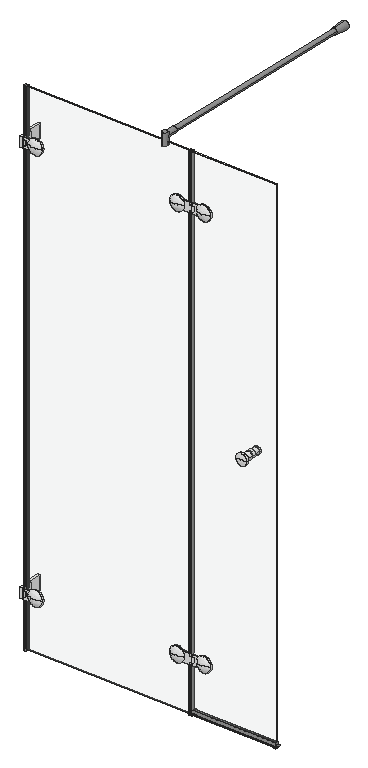
Revit family "Sanitary_Shower-screens_Duscholux_Pure-Style_Centaurus_Separator-Fixed-Segnment+Pivot-door-180°-shower", category Plumbing Fixtures, Revit 2016
Family settings
  Part Type = Normal
  Round Connector Dimension = Use Diameter
  OmniClass Number = 23.45.00.00
  OmniClass Title = Sanitary, Laundry, and Cleaning Equipment
  Work Plane-Based = No
  Always vertical = Yes
  Cut with Voids When Loaded = No
  Shared = No
  Room Calculation Point = No
Parameters (values of type "Silver Matt Aluminium Finish")
  Width fixed segment = Width - 300 mm  # 600 mm
  Width = 900 mm
  Uniclass 2015 Description = "Shower Enclosures"
  Uniclass 2015 Code = "PR-40-20-06-79"
  URL = "http://www.duscholux.es/"
  UNSPSC Code = "30181507"
  Thickness Glass = 6 mm  # constant formula
  Technical Inspection Certificate (Applus) = "http://www.duscholux.es/resources/custom/var/APPLUS_en.pdf"
  Series = "Pure Style"
  Region South America = "Consult"
  Region Oceania = "Consult"
  Region North America = "Consult"
  Region Middle East = "Consult"
  Region Europe = "AD, ES, FR, PT"
  Region Asia = "Consult"
  Region Antartica = "Consult"
  Region Africa = "Consult"
  Ref. = "41I / 41D"
  Products = "http://www.duscholux.es/mamparas_filtro.aspx?es"
  Product group = "Fixed panel"
  Product family = "Pure Style"
  Openning angle = 0.00°
  Opening System Image = "http://blob.duscholux.es/pluma512/FDIzq1f1pabatible180.gif"
  Opening System = "Pivot Door"
  Offset Support = 100 mm
  Net Weight (Kg) = 52
  NBS Reference Description = "Shower Enclosures"
  NBS Reference Code = "45-35-70"
  Model = "Centaurus"
  Min Max Width = if(Width < 700 mm, 700 mm, if(Width > 1600 mm, 1600 mm, Width))  # 900 mm
  Min Max Openning angle = if(Openning angle < -90.00°, -90.00°, if(Openning angle > 90.00°, 90.00°, Openning angle))  # 0.00°
  Max Height = if(Height < 1400 mm, 1400 mm, if(Height > 2100 mm, 2100 mm, Height))  # 1800 mm
  Manufacturer name = "Duscholux Ibérica, S.A."
  Manufacturer country = "Spain"
  Maintenance and Cleaning = "http://www.duscholux.es/mamparas_limpieza.aspx?en"
  Lenght Support = 800 mm
  Image = "http://www.duscholux.es/resources/custom/img/mamparas/PURE%20STYLE/modelos/1F1PSDA/mampara_h.jpg"
  IFC Classification = "Furnishing Element"
  Height = 1800 mm
  Handle Material = Chrome_Finish
  Handle Height = Max Height / 2  # 900 mm
  Glass in Building UNE EN 12150 = "CE Conformity marking"
  Glass Material = Glass_Material-Duscholux
  Frame Material = Silver Matt Aluminium Finish
  Fact Sheet = "http://blob.duscholux.es/enpdf2018/CentaurusSDB.pdf"
  Manufacturer = "Duscholux Ibérica, S.A."
  Environmental Management ISO 14001 = "ECOEMBES Certificate"
  Edition number = "1"
  Door aperture = Min Max Width - Width fixed segment  # 300 mm
  Design country = "Spain / Germany"
  Description = "1 fixed segment + 1 pivot door at 180º for bath"
  Date of publishing = ""
  Assembly Code = "C1030200"
  Configuration enclosure = "http://configuratumampara.duscholux.es/eCatalogo.aspx"
  Components = "Eropean components"
  Type Comments = ""
  Combinations = "Hinge and handle to choice (Round, square or triangular)"
  Certified Quality UNE EN 14428 = "http://www.duscholux.es/duscholux_downloads.aspx?es"
  COBIe Type Category = ""
  Brand = "Duscholux"
  Accesories Material = Chrome_Finish
Types (3, lengths in mm): name | Width fixed segment | Width | Min Max Width | Max Height | Height | Handle Height | Frame Material | Description
  (no name) | 600 | 900 | 900 | 1800 | 1800 | 900 | Silver Matt Aluminium Finish | "1 fixed segment + 1 pivot door at 180º for bath"
  Silver Matt Aluminium Finish | 600 | 900 | 900 | 1800 | 1800 | 900 | Silver Matt Aluminium Finish | "1 fixed segment + 1 pivot door at 180º for bath"
  Platinum Aluminium Finish | 700 | 1000 | 1000 | 1900 | 1900 | 950 | Platinum Aluminium Finish | "1 fixed segment + 1 pivot door at 180º for shower"
Reference planes
  plane 1 "Centro (Frontal/Posterior)": y = 0
  plane 2: z = 0
  plane 3 "Centro (Izquierda/Derecha)": x = 0
  plane 4: z = 1800
  plane 5: z = 900
  plane 6: z = 400
  plane 7: x = 4
  plane 8: y = 0
  plane 9: y = 6
  plane 10: x = 900
  plane 11: z = 580
  plane 12: z = 1620
  plane 13: y = 8
  plane 14: x = 600
  plane 15: z = 8
  plane 16: z = 180
  plane 17: y = 4
  plane 18: x = 500
Forms (mm)
  Extrusion 1, solid, material "Glass_Material-Duscholux" <- "Glass Material"
    sketch origin (0, 0, 0) x (1, 0, 0) y (0, 1, 0)
      loop
        line (6, 8) -> (6, 0) -> (594, 0) -> (594, 8) -> (6, 8)
    from 0 to 1800
  Extrusion 2, solid, material "Glass_Material-Duscholux" <- "Glass Material"
    sketch origin (600, 0, 0) x (1, 0, 0) y (0, 1, 0)
      loop
        line (0, 6) -> (0, 0) -> (300, 0) -> (300, 6) -> (0, 6)
    from 8 to 1800
  Extrusion 3, solid, material "Plástico, transparente"
    sketch origin (-322.583, -171.096, 0) x (1, 0, 0) y (0, 1, 0)
      loop
        line (916.583, 179.096) -> (916.583, 171.096) -> (911.583, 171.096) -> (911.583, 170.096) -> (916.583, 170.096) -> (921.183, 170.096)
        arc (921.183, 170.096) -> (922.583, 175.096) -> (921.183, 180.096) r 9.629
        line (921.183, 180.096) -> (916.583, 180.096) -> (911.583, 180.096) -> (911.583, 179.096) -> (916.583, 179.096)
      loop
        line (917.583, 170.596) -> (920.927, 170.596)
        arc (920.927, 170.596) -> (922.083, 175.096) -> (920.927, 179.596) r 9.338
        line (920.927, 179.596) -> (917.583, 179.596) -> (917.583, 170.596)
    from 1637.5 to 1800
  Extrusion 4, solid, material "Plástico, transparente"
    sketch origin (-322.583, -171.096, 0) x (1, 0, 0) y (0, 1, 0)
      loop
        line (916.583, 179.096) -> (916.583, 171.096) -> (911.583, 171.096) -> (911.583, 170.096) -> (916.583, 170.096) -> (921.183, 170.096)
        arc (921.183, 170.096) -> (922.583, 175.096) -> (921.183, 180.096) r 9.629
        line (921.183, 180.096) -> (916.583, 180.096) -> (911.583, 180.096) -> (911.583, 179.096) -> (916.583, 179.096)
      loop
        line (917.583, 170.596) -> (920.927, 170.596)
        arc (920.927, 170.596) -> (922.083, 175.096) -> (920.927, 179.596) r 9.338
        line (920.927, 179.596) -> (917.583, 179.596) -> (917.583, 170.596)
    from 197.5 to 1602.5
  Extrusion 5, solid, material "Plástico, transparente"
    sketch origin (-322.583, -171.096, 0) x (1, 0, 0) y (0, 1, 0)
      loop
        line (916.583, 179.096) -> (916.583, 171.096) -> (911.583, 171.096) -> (911.583, 170.096) -> (916.583, 170.096) -> (921.183, 170.096)
        arc (921.183, 170.096) -> (922.583, 175.096) -> (921.183, 180.096) r 9.629
        line (921.183, 180.096) -> (916.583, 180.096) -> (911.583, 180.096) -> (911.583, 179.096) -> (916.583, 179.096)
      loop
        line (917.583, 170.596) -> (920.927, 170.596)
        arc (920.927, 170.596) -> (922.083, 175.096) -> (920.927, 179.596) r 9.338
        line (920.927, 179.596) -> (917.583, 179.596) -> (917.583, 170.596)
    from 0 to 162.5
  Extrusion 6, solid, material "Plástico, transparente"
    sketch origin (542.583, -171.096, 0) x (-1, 0, 0) y (0, -1, 0)
      loop
        line (536.583, -179.096) -> (531.583, -179.096) -> (531.583, -180.096) -> (536.583, -180.096) -> (541.183, -180.096)
        arc (541.183, -180.096) -> (542.583, -175.096) -> (541.183, -170.096) r 9.629
        line (541.183, -170.096) -> (536.583, -170.096) -> (531.583, -170.096) -> (531.583, -171.096) -> (536.583, -171.096) -> (536.583, -179.096)
      loop
        line (537.583, -170.596) -> (537.583, -179.596) -> (540.927, -179.596)
        arc (540.927, -179.596) -> (542.083, -175.096) -> (540.927, -170.596) r 9.338
        line (540.927, -170.596) -> (537.583, -170.596)
    from 1637.5 to 1800
  Extrusion 7, solid, material "Plástico, transparente"
    sketch origin (542.583, -171.096, 0) x (-1, 0, 0) y (0, -1, 0)
      loop
        line (536.583, -179.096) -> (531.583, -179.096) -> (531.583, -180.096) -> (536.583, -180.096) -> (541.183, -180.096)
        arc (541.183, -180.096) -> (542.583, -175.096) -> (541.183, -170.096) r 9.629
        line (541.183, -170.096) -> (536.583, -170.096) -> (531.583, -170.096) -> (531.583, -171.096) -> (536.583, -171.096) -> (536.583, -179.096)
      loop
        line (537.583, -170.596) -> (537.583, -179.596) -> (540.927, -179.596)
        arc (540.927, -179.596) -> (542.083, -175.096) -> (540.927, -170.596) r 9.338
        line (540.927, -170.596) -> (537.583, -170.596)
    from 197.5 to 1602.5
  Extrusion 8, solid, material "Plástico, transparente"
    sketch origin (542.583, -171.096, 0) x (-1, 0, 0) y (0, -1, 0)
      loop
        line (536.583, -179.096) -> (531.583, -179.096) -> (531.583, -180.096) -> (536.583, -180.096) -> (541.183, -180.096)
        arc (541.183, -180.096) -> (542.583, -175.096) -> (541.183, -170.096) r 9.629
        line (541.183, -170.096) -> (536.583, -170.096) -> (531.583, -170.096) -> (531.583, -171.096) -> (536.583, -171.096) -> (536.583, -179.096)
      loop
        line (537.583, -170.596) -> (537.583, -179.596) -> (540.927, -179.596)
        arc (540.927, -179.596) -> (542.083, -175.096) -> (540.927, -170.596) r 9.338
        line (540.927, -170.596) -> (537.583, -170.596)
    from 0 to 162.5
Lines and regions (mm)
  reference lines
    curve 1: line (600, 0, 0) -> (900, 0, 0)
  symbolic lines
    curve 2: line (600, 300, 0) -> (600, 0, 0)
    curve 3: line (600, -300, 0) -> (600, 0, 0)
    curve 4: arc (600, -300, 0) -> (900, 0, 0) -> (600, 300, 0) r 300
Dimensions and locks
  locked: plane 3 "Centro (Izquierda/Derecha)" to plane 7 at 4
  "Handle Height": plane 5 to level
  "Min Max Width": plane 3 "Centro (Izquierda/Derecha)" to plane 10
  locked: nested 5 to Extrusion 4 at 17.5
  locked: Extrusion 3 to plane 12 at 17.5
  "Width fixed segment": plane 3 "Centro (Izquierda/Derecha)" to plane 14
  locked: nested 5 to plane 14 at 6
  locked: plane 14 to nested 5 at 6
  "Door aperture": curve 1 to curve 1
  "Thickness Glass": Extrusion 2 to Extrusion 2
  locked: plane 15 to level at 8
  locked: plane 16 to level at 180
  plane 3 "Centro (Izquierda/Derecha)" to Extrusion 8 = 6 mm
  "Max Height": plane 4 to level
  locked: plane 4 to plane 12 at 180
  locked: nested 11 to plane 12 at 17.5
  "Door aperture": curve 2 to curve 2
  "Door aperture": curve 3 to curve 3
  "Offset Support": plane 18 to plane 14
  "Lenght Support": nested 12 to nested 12
  "Min Max Openning angle": angle curve 1 to plane 8
  aligned and locked: level to plane 2
  aligned and locked: plane 12 to nested 2
  aligned and locked: plane 4 to Extrusion 1
  aligned and locked: plane 14 to curve 1
  aligned and locked: plane 8 to curve 1
  aligned and locked: plane 4 to Extrusion 2
  aligned and locked: nested 5 to plane 12
  aligned and locked: Extrusion 3 to Extrusion 1
  aligned and locked: nested 7 to nested 6
  aligned and locked: plane 5 to nested 6
  aligned and locked: plane 5 to nested 7
  aligned and locked: nested 5 to nested 3
  aligned and locked: Extrusion 4 to Extrusion 7
  aligned and locked: Extrusion 1 to Extrusion 6
  aligned and locked: Extrusion 6 to Extrusion 3
  aligned and locked: Extrusion 2 to nested 8
  aligned and locked: nested 8 to Extrusion 2
  aligned and locked: nested 4 to Extrusion 2
  aligned and locked: nested 10 to plane 12
  aligned and locked: nested 10 to Extrusion 2
  aligned and locked: Extrusion 2 to plane 15
  aligned and locked: plane 16 to nested 1
  aligned and locked: Extrusion 5 to level
  aligned and locked: nested 1 to Extrusion 4
  aligned and locked: Extrusion 7 to nested 9
  aligned and locked: Extrusion 8 to level
  aligned and locked: Extrusion 8 to nested 9
  aligned and locked: plane 7 to nested 9
  aligned and locked: plane 4 to nested 12
  aligned and locked: plane 18 to nested 12
Automatic sketch dimensions
  plane 1 "Centro (Frontal/Posterior)" to Extrusion 1 sketch curve = 0 mm
  Extrusion 1 sketch curve to plane 13 = 0 mm
  plane 7 to Extrusion 1 sketch curve = 2 mm
  Extrusion 1 sketch curve to plane 14 = 6 mm
  Extrusion 3 sketch curve to plane 13 = 0 mm
  plane 1 "Centro (Frontal/Posterior)" to Extrusion 3 sketch curve = 0 mm
  Extrusion 3 sketch curve to plane 14 = 11 mm
  Extrusion 3 sketch curve to Extrusion 3 sketch curve = 0 mm  (x4)
  Extrusion 3 sketch curve to plane 9 = 2 mm
  Extrusion 3 sketch curve to Extrusion 3 sketch curve = 1.162 mm
  Extrusion 3 sketch curve to Extrusion 3 sketch curve = 0.209 mm
  Extrusion 3 sketch curve to Extrusion 3 sketch curve = 5 mm
  plane 1 "Centro (Frontal/Posterior)" to Extrusion 3 sketch curve = 0.5 mm
  Extrusion 3 sketch curve to Extrusion 3 sketch curve = 1 mm  (x2)
  plane 13 to Extrusion 3 sketch curve = 0.5 mm
  Extrusion 3 sketch curve to plane 14 = 1.656 mm
  Extrusion 3 sketch curve to Extrusion 3 sketch curve = 0.256 mm  (x2)
  Extrusion 4 sketch curve to plane 13 = 0 mm
  plane 1 "Centro (Frontal/Posterior)" to Extrusion 4 sketch curve = 0 mm
  Extrusion 4 sketch curve to plane 14 = 11 mm
  Extrusion 4 sketch curve to Extrusion 4 sketch curve = 0 mm  (x4)
  Extrusion 4 sketch curve to plane 9 = 2 mm
  Extrusion 4 sketch curve to Extrusion 4 sketch curve = 1.162 mm
  Extrusion 4 sketch curve to Extrusion 4 sketch curve = 0.209 mm
  Extrusion 4 sketch curve to Extrusion 4 sketch curve = 5 mm
  plane 1 "Centro (Frontal/Posterior)" to Extrusion 4 sketch curve = 0.5 mm
  Extrusion 4 sketch curve to Extrusion 4 sketch curve = 1 mm  (x2)
  plane 13 to Extrusion 4 sketch curve = 0.5 mm
  Extrusion 4 sketch curve to plane 14 = 1.656 mm
  Extrusion 4 sketch curve to Extrusion 4 sketch curve = 0.256 mm  (x2)
  Extrusion 5 sketch curve to plane 13 = 0 mm
  plane 1 "Centro (Frontal/Posterior)" to Extrusion 5 sketch curve = 0 mm
  Extrusion 5 sketch curve to plane 14 = 11 mm
  Extrusion 5 sketch curve to Extrusion 5 sketch curve = 0 mm  (x4)
  Extrusion 5 sketch curve to plane 9 = 2 mm
  Extrusion 5 sketch curve to Extrusion 5 sketch curve = 1.162 mm
  Extrusion 5 sketch curve to Extrusion 5 sketch curve = 0.209 mm
  Extrusion 5 sketch curve to Extrusion 5 sketch curve = 5 mm
  plane 1 "Centro (Frontal/Posterior)" to Extrusion 5 sketch curve = 0.5 mm
  Extrusion 5 sketch curve to Extrusion 5 sketch curve = 1 mm  (x2)
  plane 13 to Extrusion 5 sketch curve = 0.5 mm
  Extrusion 5 sketch curve to plane 14 = 1.656 mm
  Extrusion 5 sketch curve to Extrusion 5 sketch curve = 0.256 mm  (x2)
  Extrusion 6 sketch curve to plane 13 = 0 mm
  plane 1 "Centro (Frontal/Posterior)" to Extrusion 6 sketch curve = 0 mm
  Extrusion 6 sketch curve to plane 7 = 7 mm  (x2)
  plane 9 to Extrusion 6 sketch curve = 2 mm
  Extrusion 6 sketch curve to Extrusion 6 sketch curve = 1.162 mm
  Extrusion 6 sketch curve to Extrusion 6 sketch curve = 0.209 mm
  Extrusion 6 sketch curve to plane 7 = 2 mm
  Extrusion 6 sketch curve to Extrusion 6 sketch curve = 0 mm  (x3)
  Extrusion 6 sketch curve to plane 1 "Centro (Frontal/Posterior)" = 0.5 mm
  Extrusion 6 sketch curve to plane 7 = 1 mm
  Extrusion 6 sketch curve to plane 13 = 0.5 mm
  Extrusion 6 sketch curve to plane 3 "Centro (Izquierda/Derecha)" = 1.656 mm
  Extrusion 6 sketch curve to Extrusion 6 sketch curve = 0.256 mm  (x2)
  Extrusion 6 sketch curve to plane 1 "Centro (Frontal/Posterior)" = 1 mm
  Extrusion 7 sketch curve to plane 13 = 0 mm
  plane 1 "Centro (Frontal/Posterior)" to Extrusion 7 sketch curve = 0 mm
  Extrusion 7 sketch curve to plane 7 = 7 mm  (x2)
  plane 9 to Extrusion 7 sketch curve = 2 mm
  Extrusion 7 sketch curve to Extrusion 7 sketch curve = 1.162 mm
  Extrusion 7 sketch curve to Extrusion 7 sketch curve = 0.209 mm
  Extrusion 7 sketch curve to plane 7 = 2 mm
  Extrusion 7 sketch curve to Extrusion 7 sketch curve = 0 mm  (x3)
  Extrusion 7 sketch curve to plane 1 "Centro (Frontal/Posterior)" = 0.5 mm
  Extrusion 7 sketch curve to plane 7 = 1 mm
  Extrusion 7 sketch curve to plane 13 = 0.5 mm
  Extrusion 7 sketch curve to plane 3 "Centro (Izquierda/Derecha)" = 1.656 mm
  Extrusion 7 sketch curve to Extrusion 7 sketch curve = 0.256 mm  (x2)
  Extrusion 7 sketch curve to plane 1 "Centro (Frontal/Posterior)" = 1 mm
  Extrusion 8 sketch curve to plane 13 = 0 mm
  plane 1 "Centro (Frontal/Posterior)" to Extrusion 8 sketch curve = 0 mm
  Extrusion 8 sketch curve to plane 7 = 7 mm
  Extrusion 8 sketch curve to Extrusion 8 sketch curve = 0 mm  (x4)
  plane 9 to Extrusion 8 sketch curve = 2 mm
  Extrusion 8 sketch curve to Extrusion 8 sketch curve = 1.162 mm
  Extrusion 8 sketch curve to Extrusion 8 sketch curve = 0.209 mm
  Extrusion 8 sketch curve to Extrusion 8 sketch curve = 5 mm
  Extrusion 8 sketch curve to plane 1 "Centro (Frontal/Posterior)" = 0.5 mm
  Extrusion 8 sketch curve to Extrusion 8 sketch curve = 1 mm
  Extrusion 8 sketch curve to plane 13 = 0.5 mm
  Extrusion 8 sketch curve to Extrusion 8 sketch curve = 3.344 mm
  Extrusion 8 sketch curve to Extrusion 8 sketch curve = 0.256 mm  (x2)
  Extrusion 8 sketch curve to plane 1 "Centro (Frontal/Posterior)" = 1 mm
  Extrusion 2 sketch curve to curve 1 = 0 mm  (x3)
  curve 1 to Extrusion 2 sketch curve = 6 mm
  curve 2 to curve 1 = 0 mm  (x2)
Nested families
  nested 1: "Hinge (Wall)" at (0, 0, 155), type "Hinge (Wall)"
  nested 2: "Hinge (Wall)" at (0, 0, 1595), type "Hinge (Wall)"
  nested 3: "Hinge (Fixed segment)" at (598, 0, 180) x (1, 0, 0) z (0, -1, 0), type "Hinge (Fixed segment)"
  nested 4: "Hinge (Door)" at (600, 0, 180) x (1, 0, 0) z (0, -1, 0), type "Hinge (Door)"
  nested 5: "Hinge (Fixed segment)" at (598, 0, 1620) x (1, 0, 0) z (0, -1, 0), type "Hinge (Fixed segment)"
  nested 6: "Ext.-Handle-Purestyle" at (800, 0, 900) x (-1, 0, 0) z (0, -1, 0), type "Ext.-Handle-Purestyle", detail levels medium+fine
  nested 7: "Int.-Handle-Purestyle" at (800, 6, 900) x (1, 0, 0) z (0, 1, 0), type "Int.-Handle-Purestyle", detail levels medium+fine
  nested 8: "Lower- Guide" at (600, 2.737, 8), type "Lower-Guide", detail levels fine
    with built-in parameter 1001306 0.98425 (stored number, unit not read)
  nested 9: "Hinge (Glass)" at (0, 0, 180) x (1, 0, 0) z (0, -1, 0), type "Hinge (Glass)"
  nested 10: "Hinge (Door)" at (600, 0, 1620) x (1, 0, 0) z (0, -1, 0), type "Hinge (Door)"
  nested 11: "Hinge (Glass)" at (0, 0, 1620) x (1, 0, 0) z (0, -1, 0), type "Hinge (Glass)"
  nested 12: "Wall Support" at (500, 4, 1800) x (0, 1, 0) z (0, 0, 1), type "Wall Support"
Definition of nested family "Hinge (Wall)"
  Parameters (values of type "pletina pared")
    Material Accesorios = none
    Accesories Material = none
  Reference planes
    plane 1 "Centro (Frontal/Posterior)": y = 0
    plane 2: z = 0
    plane 3 "Centro (Izquierda/Derecha)": x = 0
    plane 4: z = 50
    plane 5: z = 42.5
    plane 6: z = 7.5
    plane 7: z = 25
  Forms (mm)
    Extrusion 1, solid, material <- "Accesories Material"
      sketch origin (0, 0, 0) x (1, 0, 0) y (0, 1, 0)
        loop
          line (-3.514, 75) -> (-10, 75) -> (-10, -4) -> (0, -4) -> (0, 32) -> (-1.514, 32) -> (-1.514, 73)
          arc (-1.514, 73) -> (-2.1, 74.414) -> (-3.514, 75) r 2
      from 0 to 50
    Extrusion 2, void
      sketch origin (0, 0, 0) x (1, 0, 0) y (0, 1, 0)
        loop
          line (-10, -4) -> (0, -4) -> (0, 32) -> (-1.514, 32) -> (-10, 26.002) -> (-10, -4)
      from 42.5 to 50
    Extrusion 3, void
      sketch origin (0, 0, 0) x (1, 0, 0) y (0, 1, 0)
        loop
          line (-10, 26.002) -> (-10, -4) -> (0, -4) -> (0, 32) -> (-1.514, 32) -> (-10, 26.002)
      from 0 to 7.5
  Cuts and joins
    Extrusion 2, Extrusion 3 cuts Extrusion 1
  Dimensions and locks
    equal spacing: plane 4, plane 7, level
    aligned and locked: level to plane 2
    aligned and locked: plane 4 to Extrusion 1
    aligned and locked: Extrusion 2 to Extrusion 1
    aligned and locked: Extrusion 2 to plane 5
    aligned and locked: Extrusion 3 to level
    aligned and locked: plane 6 to Extrusion 3
    aligned and locked: Extrusion 1 to Extrusion 2
    aligned and locked: Extrusion 1 to Extrusion 3
  Automatic sketch dimensions
    Extrusion 1 sketch curve to plane 3 "Centro (Izquierda/Derecha)" = 0 mm
    Extrusion 1 sketch curve to plane 3 "Centro (Izquierda/Derecha)" = 1.514 mm
    Extrusion 1 sketch curve to Extrusion 1 sketch curve = 2 mm
    plane 1 "Centro (Frontal/Posterior)" to Extrusion 1 sketch curve = 4 mm
    Extrusion 1 sketch curve to plane 3 "Centro (Izquierda/Derecha)" = 10 mm
    Extrusion 1 sketch curve to plane 1 "Centro (Frontal/Posterior)" = 32 mm
    Extrusion 1 sketch curve to Extrusion 1 sketch curve = 41 mm
    Extrusion 2 sketch curve to plane 3 "Centro (Izquierda/Derecha)" = 0 mm
    Extrusion 2 sketch curve to plane 3 "Centro (Izquierda/Derecha)" = 1.514 mm
    plane 1 "Centro (Frontal/Posterior)" to Extrusion 2 sketch curve = 4 mm
    Extrusion 2 sketch curve to plane 3 "Centro (Izquierda/Derecha)" = 10 mm
    Extrusion 2 sketch curve to plane 1 "Centro (Frontal/Posterior)" = 26.002 mm
    Extrusion 2 sketch curve to Extrusion 2 sketch curve = 5.998 mm
    Extrusion 3 sketch curve to plane 3 "Centro (Izquierda/Derecha)" = 0 mm
    Extrusion 3 sketch curve to plane 3 "Centro (Izquierda/Derecha)" = 1.514 mm
    Extrusion 3 sketch curve to plane 3 "Centro (Izquierda/Derecha)" = 10 mm
    plane 1 "Centro (Frontal/Posterior)" to Extrusion 3 sketch curve = 4 mm
    Extrusion 3 sketch curve to plane 1 "Centro (Frontal/Posterior)" = 26.002 mm
    Extrusion 3 sketch curve to Extrusion 3 sketch curve = 5.998 mm
Definition of nested family "Hinge (Fixed segment)"
  Parameters (values of type "pletina fijo")
    Default Elevation = 1219.2 mm
    Accesories Material = none
  Reference planes
    plane 1 "Centro (Frontal/Posterior)": y = 0
    plane 2: z = 0
    plane 3 "Centro (Izquierda/Derecha)": x = 0
    plane 4: y = 17.5
    plane 5: y = -17.5
    plane 6: x = 43.993
  Forms (mm)
    Extrusion 1, solid
      sketch origin (0, 0, 0) x (1, 0, 0) y (0, 1, 0)
        loop
          line (-1219.2, 1219.2) -> (-1219.2, -1219.2) -> (1219.2, -1219.2) -> (1219.2, 1219.2) -> (-1219.2, 1219.2)
      from 0 to -304.8
    Extrusion 2, solid, material <- "Accesories Material"
      sketch origin (-4, 0, 0) x (-1, 0, 0) y (0, -1, 0)
        loop
          line (0, -17.5) -> (25.565, -17.5)
          arc (25.565, -17.5) -> (70.793, 0) -> (25.565, 17.5) r 26
          line (25.565, 17.5) -> (0, 17.5) -> (0, -17.5)
      from 0 to 4
    Extrusion 3, solid, material <- "Accesories Material"
      sketch origin (0, 0, 0) x (1, 0, 0) y (0, 1, 0)
        loop
          line (0, -9.5) -> (0, 9.5) -> (-4, 9.5) -> (-4, -9.5) -> (0, -9.5)
      from 0 to 4
    Revolve 4, solid, material <- "Accesories Material"
      sketch origin (-92.787, 0, 0) x (1, 0, 0) y (0, 0, 1)
        loop
          arc (69.993, 4) -> (57.6, 9.978) -> (43.993, 12.031) r 46.1
          line (43.993, 12.031) -> (43.993, 4) -> (69.993, 4)
        axis (43.993, 12.031) -> (43.993, 4)
      angle from 0 to 360
    Extrusion 5, solid, material <- "Accesories Material"
      sketch origin (0, 0, 0) x (1, 0, 0) y (0, 0, 1)
        loop
          line (0, 4) -> (0, 0) -> (8, 0)
          arc (8, 0) -> (6.828, 2.828) -> (4, 4) r 4
          line (4, 4) -> (0, 4)
      from -9.5 to 9.5
  Cuts and joins
    joined: Extrusion 2, Extrusion 3, Extrusion 5
  Dimensions and locks
    aligned and locked: plane 2 to Extrusion 1
    aligned and locked: level to Extrusion 1
    aligned and locked: Extrusion 5 to cut or joined group of Extrusion 2, Extrusion 3, Extrusion 5
    aligned and locked: cut or joined group of Extrusion 2, Extrusion 3, Extrusion 5 to Extrusion 5
Definition of nested family "Hinge (Door)"
  Parameters (values of type "pletina puerta")
    Default Elevation = 1219.2 mm
    Accesories Material = none
  Reference planes
    plane 1 "Centro (Frontal/Posterior)": y = 0
    plane 2: z = 0
    plane 3 "Centro (Izquierda/Derecha)": x = 0
    plane 4: y = 17.5
    plane 5: y = -17.5
    plane 6: x = 43.993
  Forms (mm)
    Extrusion 1, solid
      sketch origin (0, 0, 0) x (1, 0, 0) y (0, 1, 0)
        loop
          line (-1219.2, 1219.2) -> (-1219.2, -1219.2) -> (1219.2, -1219.2) -> (1219.2, 1219.2) -> (-1219.2, 1219.2)
      from 0 to -304.8
    Revolve 2, solid, material <- "Accesories Material"
      sketch origin (0.8, 0, 0) x (1, 0, 0) y (0, 0, 1)
        loop
          arc (69.993, 4) -> (57.6, 9.978) -> (43.993, 12.031) r 46.1
          line (43.993, 12.031) -> (43.993, 4) -> (69.993, 4)
        axis (43.993, 12.031) -> (43.993, 4)
      angle from 0 to 360
    Extrusion 3, void
      sketch origin (0, 0, 0) x (1, 0, 0) y (0, 0, 1)
        loop
          arc (0, 0) -> (1.172, 2.828) -> (4, 4) r 4
          line (4, 4) -> (0, 4) -> (0, 0)
      from 9.5 to 17.5
    Extrusion 4, solid, material <- "Accesories Material"
      sketch origin (0, 0, 0) x (1, 0, 0) y (0, 1, 0)
        loop
          line (0, 17.5) -> (0, 9.5) -> (13.5, 9.5) -> (13.5, -9.5) -> (0, -9.5) -> (0, -17.5) -> (25.577, -17.5)
          arc (25.577, -17.5) -> (70.793, 0.017) -> (25.565, 17.5) r 25.997
          line (25.565, 17.5) -> (0, 17.5)
      from 0 to 4
    Extrusion 5, void
      sketch origin (0, 0, 0) x (1, 0, 0) y (0, 0, 1)
        loop
          arc (0, 0) -> (1.172, 2.828) -> (4, 4) r 4
          line (4, 4) -> (0, 4) -> (0, 0)
      from -17.5 to -9.5
  Cuts and joins
    Extrusion 3 cuts Revolve 2
    Extrusion 3, Extrusion 5 cuts Extrusion 4
  Dimensions and locks
    aligned and locked: plane 2 to Extrusion 1
    aligned and locked: level to Extrusion 1
    aligned and locked: Extrusion 4 to cut or joined group of Revolve 2, Extrusion 3
    aligned and locked: plane 4 to Extrusion 5
    aligned and locked: Extrusion 5 to Extrusion 4
Definition of nested family "Ext.-Handle-Purestyle"
  Parameters (values of type "Ext.-Handle-Purestyle")
    Handle Material = none
    Default Elevation = 1219.2 mm
  Reference planes
    plane 1 "Centro (Frontal/Posterior)": y = 0
    plane 2: z = 0
    plane 3 "Centro (Izquierda/Derecha)": x = 0
    plane 4: z = 25
    plane 5: z = 30
    plane 6: z = 27.5
  Forms (mm)
    Extrusion 1, solid
      sketch origin (0, 0, 0) x (1, 0, 0) y (0, 1, 0)
        loop
          line (-1219.2, 1219.2) -> (-1219.2, -1219.2) -> (1219.2, -1219.2) -> (1219.2, 1219.2) -> (-1219.2, 1219.2)
      from 0 to -304.8
    Extrusion 2, solid, material <- "Handle Material"
      sketch origin (0, 0, 0) x (1, 0, 0) y (0, 1, 0)
        loop
          circle (0, 0) r 12.542
      from 0 to 25
    Extrusion 3, solid, material <- "Handle Material"
      sketch origin (0, 0, 0) x (1, 0, 0) y (0, 1, 0)
        loop
          circle (0, 0) r 20
      from 25 to 30
    Revolve 4, solid, material <- "Handle Material"
      sketch origin (0, 0, 0) x (1, 0, 0) y (0, 0, 1)
        loop
          line (0, 30) -> (20, 30)
          arc (20, 30) -> (10.059, 31.59) -> (0, 32.01) r 86.26
          line (0, 32.01) -> (0, 30)
        axis (0, 32.01) -> (0, 30)
      angle from 0 to 360
    Revolve 5, solid, material <- "Handle Material"
      sketch origin (0, 0, 55) x (1, 0, 0) y (0, 0, -1)
        loop
          line (0, 30) -> (20, 30)
          arc (20, 30) -> (10.059, 31.59) -> (0, 32.01) r 86.26
          line (0, 32.01) -> (0, 30)
        axis (0, 32.01) -> (0, 30)
      angle from 0 to 360
  Cuts and joins
    joined: Extrusion 2, Extrusion 3, Revolve 4, Revolve 5
  Dimensions and locks
    aligned and locked: plane 2 to Extrusion 1
    aligned and locked: level to Extrusion 1
    aligned and locked: Extrusion 3 to Extrusion 2
    aligned and locked: plane 5 to Extrusion 3
Definition of nested family "Int.-Handle-Purestyle"
  Parameters (values of type "Int.-Handle-Purestyle")
    Handle Material = none
    Default Elevation = 1219.2 mm
  Reference planes
    plane 1 "Centro (Frontal/Posterior)": y = 0
    plane 2: z = 0
    plane 3 "Centro (Izquierda/Derecha)": x = 0
    plane 4: z = 10
    plane 5: z = 30
    plane 6: z = 33
  Forms (mm)
    Extrusion 1, solid
      sketch origin (0, 0, 0) x (1, 0, 0) y (0, 1, 0)
        loop
          line (-1219.2, 1219.2) -> (-1219.2, -1219.2) -> (1219.2, -1219.2) -> (1219.2, 1219.2) -> (-1219.2, 1219.2)
      from 0 to -304.8
    Extrusion 2, solid, material <- "Handle Material"
      sketch origin (0, 0, 0) x (1, 0, 0) y (0, 1, 0)
        loop
          circle (0, 0) r 12.518
      from 0 to 10
    Extrusion 3, solid, material <- "Handle Material"
      sketch origin (0, 0, 0) x (1, 0, 0) y (0, 1, 0)
        loop
          circle (0, 0) r 10
      from 10 to 30
    Extrusion 4, solid, material <- "Handle Material"
      sketch origin (0, 0, 0) x (1, 0, 0) y (0, 1, 0)
        loop
          circle (0, 0) r 12.518
      from 30 to 33
  Cuts and joins
    joined: Extrusion 2, Extrusion 3, Extrusion 4
  Dimensions and locks
    aligned and locked: plane 2 to Extrusion 1
    aligned and locked: level to Extrusion 1
    aligned and locked: Extrusion 3 to Extrusion 2
    aligned and locked: Extrusion 4 to Extrusion 3
    aligned and locked: plane 6 to Extrusion 4
Definition of nested family "Lower- Guide"
  Parameters (values of type "Lower-Guide")
    built-in parameter 1001306 [instance] = 800 mm
  Reference planes
    plane 1 "Centro (Frontal/Posterior)": y = 0
    plane 2: z = 0
    plane 3 "Izquierda": x = 0
    plane 4 "Derecha": x = 800
    plane 5: z = 0
  Forms (mm)
    Extrusion 1, solid
      sketch origin (0, 0, 0) x (0, 1, 0) y (0, 0, 1)
        loop
          line (-4.2, 0) -> (-3, 12) -> (-4.5, 12) -> (-5.692, 0.15)
          arc (-5.692, 0.15) -> (-5.345, -0.968) -> (-4.3, -1.497) r 1.5
          line (-4.3, -1.497) -> (-4.3, -5.874)
          arc (-4.3, -5.874) -> (-3.9, -6.274) -> (-3.5, -5.874) r 0.4
          line (-3.5, -5.874) -> (-3.5, -1.5) -> (3.5, -1.5) -> (3.5, -7.653)
          arc (3.5, -7.653) -> (3.9, -8.053) -> (4.3, -7.653) r 0.4
          line (4.3, -7.653) -> (4.3, -1.508) -> (5.754, -1.508) -> (11.976, -3.947)
          arc (11.976, -3.947) -> (12.62, -3.771) -> (12.515, -3.111) r 0.5
          line (12.515, -3.111) -> (9.056, -1.58)
          arc (9.056, -1.58) -> (6.398, 0.585) -> (5.211, 3.802) r 6.5
          line (5.211, 3.802) -> (4.5, 12) -> (3, 12) -> (4.2, 0) -> (-4.2, 0)
      from 0 to 800
  Lines and regions (mm)
    reference lines
      curve 1: line (0, 0, 0) -> (800, 0, 0)
  Dimensions and locks
    "built-in parameter 1001306": plane 3 "Izquierda" to plane 4 "Derecha"
    aligned and locked: plane 4 "Derecha" to curve 1
    aligned and locked: plane 1 "Centro (Frontal/Posterior)" to curve 1
    aligned and locked: plane 3 "Izquierda" to curve 1
    aligned and locked: level to plane 2
    aligned and locked: plane 4 "Derecha" to Extrusion 1
  Automatic sketch dimensions
    Extrusion 1 sketch curve to level = 0 mm  (x2)
    Extrusion 1 sketch curve to Extrusion 1 sketch curve = 0.4 mm  (x3)
    Extrusion 1 sketch curve to Extrusion 1 sketch curve = 0 mm  (x2)
    Extrusion 1 sketch curve to Extrusion 1 sketch curve = 1.5 mm  (x2)
    Extrusion 1 sketch curve to Extrusion 1 sketch curve = 1.454 mm
    Extrusion 1 sketch curve to level = 1.58 mm
    Extrusion 1 sketch curve to Extrusion 1 sketch curve = 3.301 mm
    level to Extrusion 1 sketch curve = 4.364 mm
    Extrusion 1 sketch curve to Extrusion 1 sketch curve = 2.632 mm
    Extrusion 1 sketch curve to level = 3.947 mm
    Extrusion 1 sketch curve to Extrusion 1 sketch curve = 2.921 mm
    Extrusion 1 sketch curve to Extrusion 1 sketch curve = 0.224 mm
    Extrusion 1 sketch curve to level = 3.111 mm
    Extrusion 1 sketch curve to Extrusion 1 sketch curve = 0.315 mm
    Extrusion 1 sketch curve to level = 5.874 mm
    Extrusion 1 sketch curve to Extrusion 1 sketch curve = 1.778 mm
    Extrusion 1 sketch curve to level = 1.508 mm
    Extrusion 1 sketch curve to level = 1.5 mm
    Extrusion 1 sketch curve to Extrusion 1 sketch curve = 0.003 mm
    level to Extrusion 1 sketch curve = 12 mm
    level to Extrusion 1 sketch curve = 0.15 mm
    plane 1 "Centro (Frontal/Posterior)" to Extrusion 1 sketch curve = 3 mm
    plane 1 "Centro (Frontal/Posterior)" to Extrusion 1 sketch curve = 3.5 mm
    Extrusion 1 sketch curve to Extrusion 1 sketch curve = 0.1 mm  (x2)
    Extrusion 1 sketch curve to plane 1 "Centro (Frontal/Posterior)" = 3 mm
    Extrusion 1 sketch curve to plane 1 "Centro (Frontal/Posterior)" = 3.5 mm
    Extrusion 1 sketch curve to Extrusion 1 sketch curve = 0.799 mm
    level to Extrusion 1 sketch curve = 3.802 mm
Definition of nested family "Hinge (Glass)"
  Parameters (values of type "Hinge (Glass)")
    Default Elevation = 1219.2 mm
    Accesories Material = none
  Reference planes
    plane 1 "Centro (Frontal/Posterior)": y = 0
    plane 2: z = 0
    plane 3 "Centro (Izquierda/Derecha)": x = 0
    plane 4: y = 17.5
    plane 5: y = -17.5
    plane 6: x = 43.993
  Forms (mm)
    Extrusion 1, solid
      sketch origin (0, 0, 0) x (1, 0, 0) y (0, 1, 0)
        loop
          line (-1219.2, 1219.2) -> (-1219.2, -1219.2) -> (1219.2, -1219.2) -> (1219.2, 1219.2) -> (-1219.2, 1219.2)
      from 0 to -304.8
    Extrusion 2, solid, material <- "Accesories Material"
      sketch origin (0.8, 0, 0) x (1, 0, 0) y (0, 1, 0)
        loop
          line (-0.8, 17.5) -> (-0.8, -17.5) -> (24.777, -17.5)
          arc (24.777, -17.5) -> (69.993, 0) -> (24.777, 17.5) r 25.995
          line (24.777, 17.5) -> (-0.8, 17.5)
        loop
          line (3.2, 9.5) -> (3.2, -9.5) -> (12.7, -9.5) -> (12.7, 9.5) -> (3.2, 9.5)
      from 0 to 4
    Revolve 3, solid, material <- "Accesories Material"
      sketch origin (0.8, 0, 0) x (1, 0, 0) y (0, 0, 1)
        loop
          arc (69.993, 4) -> (57.6, 9.978) -> (43.993, 12.031) r 46.1
          line (43.993, 12.031) -> (43.993, 4) -> (69.993, 4)
        axis (43.993, 12.031) -> (43.993, 4)
      angle from 0 to 360
    Extrusion 4, void
      sketch origin (0, 0, 0) x (1, 0, 0) y (0, 0, 1)
        loop
          arc (0, 0) -> (1.172, 2.828) -> (4, 4) r 4
          line (4, 4) -> (0, 4) -> (0, 0)
      from -17.5 to 17.5
  Cuts and joins
    Extrusion 4 cuts Extrusion 2
    Extrusion 4 cuts Revolve 3
    joined: Extrusion 2, Revolve 3
  Dimensions and locks
    aligned and locked: plane 2 to Extrusion 1
    aligned and locked: level to Extrusion 1
    aligned and locked: Extrusion 2 to plane 3 "Centro (Izquierda/Derecha)"
    aligned and locked: cut or joined group of Extrusion 2, Revolve 3, Extrusion 4 to cut or joined group of Extrusion 2, Revolve 3, Extrusion 4
    aligned and locked: Extrusion 2 to Extrusion 4
Definition of nested family "Wall Support"
  Parameters (values of type "Wall Support")
    Lenght = 800 mm
  Reference planes
    plane 1 "Center (Front/Back)": y = 0
    plane 2: z = 0
    plane 3 "Center (Left/Right)": x = 0
    plane 4: x = 800
  Forms (mm)
    Extrusion 1, solid
      sketch origin (0, 0, 0) x (1, 0, 0) y (0, 1, 0)
        loop
          circle (0, 0) r 10
      from -15 to 25
    Extrusion 2, void
      sketch origin (0, 0, 0) x (1, 0, 0) y (0, 0, 1)
        loop
          line (-4.5, 0) -> (-4.5, -15) -> (4.5, -15) -> (4.5, 0) -> (-4.5, 0)
      from -12.835 to 17.899
    Extrusion 3, solid
      sketch origin (0, 0, 0) x (0, 1, 0) y (0, 0, 1)
        loop
          circle (0, 15) r 10
      from 0 to 40
    Extrusion 4, solid
      sketch origin (0, 0, 0) x (0, 1, 0) y (0, 0, 1)
        loop
          circle (0, 15) r 7.5
      from 40 to 755
    Revolve 5, solid
      sketch origin (0, 0, 0) x (1, 0, 0) y (0, 0, 1)
        loop
          line (755, 15) -> (800, 15) -> (800, 28.966) -> (755, 25) -> (755, 15)
        axis (800, 15) -> (755, 15)
      angle from 0 to 360
  Cuts and joins
    Extrusion 2 cuts Extrusion 1
    joined: Extrusion 1, Extrusion 3
  Dimensions and locks
    "Lenght": plane 4 to plane 3 "Center (Left/Right)"
    locked: level to Extrusion 1 at 15
    locked: Extrusion 1 to Extrusion 1 at 40
    Extrusion 3 to Extrusion 3 = 40 mm
    locked: plane 4 to Extrusion 4 at 45
    aligned and locked: level to plane 2
    aligned and locked: Extrusion 3 to plane 3 "Center (Left/Right)"
    aligned and locked: Extrusion 4 to cut or joined group of Extrusion 1, Extrusion 2, Extrusion 3
  Automatic sketch dimensions
    plane 1 "Center (Front/Back)" to Extrusion 1 sketch curve = 0 mm
    Extrusion 1 sketch curve to plane 3 "Center (Left/Right)" = 0 mm
    Extrusion 2 sketch curve to level = 0 mm
    Extrusion 2 sketch curve to plane 3 "Center (Left/Right)" = 4.5 mm
    plane 3 "Center (Left/Right)" to Extrusion 2 sketch curve = 4.5 mm
    Extrusion 2 sketch curve to level = 15 mm
    Extrusion 3 sketch curve to plane 1 "Center (Front/Back)" = 0 mm
    level to Extrusion 3 sketch curve = 15 mm
    Extrusion 4 sketch curve to plane 1 "Center (Front/Back)" = 0 mm
    level to Extrusion 4 sketch curve = 15 mm
    Revolve 5 sketch curve to plane 4 = 0 mm  (x2)
    level to Revolve 5 sketch curve = 15 mm
    Revolve 5 sketch curve to Revolve 5 sketch curve = 45 mm
    Revolve 5 sketch curve to Revolve 5 sketch curve = 10 mm
    Revolve 5 sketch curve to Revolve 5 sketch curve = 13.966 mm
    Revolve 5 sketch curve to Revolve 5 sketch curve = 0 mm  (x2)
    radius of Extrusion 1 sketch curve = 10 mm
    radius of Extrusion 3 sketch curve = 10 mm
    radius of Extrusion 4 sketch curve = 7.5 mm
